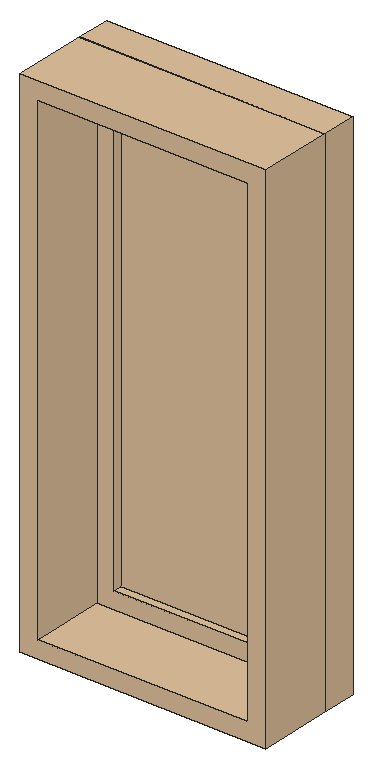
Revit family "排氣墩", category 窗, Revit 2014
Parameters (values of type "45 x 95 cm")
  熱阻 (R) = 0.271106 (m²·K)/W
  Visual Light Transmittance = 0.9
  Solar Heat Gain Coefficient = 0.78
  營造類型 Id = "GSP4R"
  傳熱係數 (U) = 3.6886 W/(m²·K)
  框架外部材料 = 窗框
  框架內部材料 = 窗框
  玻璃窗格材料 = 玻璃
  高度 = 950 mm
  窗框 = 窗框
  預設窗台高度 = 0 mm
  牆封閉 = 依主體
  寬度 = 450 mm
  窗戶內嵌 = 19 mm
  解析營造 = "1/8 英吋 Pilkington 單層鑲嵌玻璃"
Reference planes
  plane 1: y = 0
  plane 2 "中心": x = 0
  plane 3 "左": x = -225
  plane 4 "右": x = 225
  plane 5 "窗台": z = 0
  plane 6 "標頭": z = 950
  plane 7: x = -206
  plane 8: x = 206
  plane 9: x = -193
  plane 10: x = 193
  plane 11: z = 931
  plane 12: z = 918
  plane 13: z = 32
  plane 14 "封閉": y = 66
Forms (mm)
  Extrusion 1, solid, material "窗框" <- "框架內部材料"
    sketch origin (0, 0, 0) x (-1, 0, 0) y (0, 0, 1)
      loop
        line (-225, 950) -> (-225, 0) -> (225, 0) -> (225, 950) -> (-225, 950)
      loop
        line (-193, 918) -> (-193, 32) -> (193, 32) -> (193, 918) -> (-193, 918)
    from -87 to 50
  Extrusion 2, solid, material "窗框" <- "框架外部材料"
    sketch origin (0, 0, 0) x (-1, 0, 0) y (0, 0, 1)
      loop
        line (-225, 950) -> (-225, 0) -> (225, 0) -> (225, 950) -> (-225, 950)
      loop
        line (-206, 931) -> (-206, 19) -> (206, 19) -> (206, 931) -> (-206, 931)
    from 50 to 113
  Extrusion 3, solid, material "窗框" <- "窗框"
    sketch origin (0, 0, 0) x (-1, 0, 0) y (0, 0, 1)
      loop
        line (-206, 931) -> (-206, 19) -> (206, 19) -> (206, 931) -> (-206, 931)
      loop
        line (-162, 887) -> (-162, 63) -> (162, 63) -> (162, 887) -> (-162, 887)
    from 50 to 94
  Extrusion 4, solid, material "窗框" <- "窗框"
    sketch origin (0, 0, 0) x (-1, 0, 0) y (0, 0, 1)
      loop
        line (-162, 887) -> (-162, 63) -> (162, 63) -> (162, 887) -> (-162, 887)
    from 66 to 78
Lines and regions (mm)
  Opening 1
    outline origin (3500, -87, 0) x (1, 0, 0) y (0, 0, 1)
      loop
        line (-3275, 0) -> (-3275, 950) -> (-3725, 950) -> (-3725, 0) -> (-3275, 0)
  symbolic lines, style "WindowsFrameMullionProjection"
    curve 1: line (-225, 113, 0) -> (-206, 113, 0)
    curve 2: line (-225, -87, 0) -> (-193, -87, 0)
    curve 3: line (-206, 94, 0) -> (-162, 94, 0)
    curve 4: line (-206, 50, 0) -> (-162, 50, 0)
    curve 5: line (-206, 113, 0) -> (-206, 50, 0)
    curve 6: line (-162, 94, 0) -> (-162, 50, 0)
    curve 7: line (-193, 50, 0) -> (-193, -87, 0)
    curve 8: line (223.878, 113, 0) -> (206, 113, 0)
    curve 9: line (206, 113, 0) -> (206, 50, 0)
    curve 10: line (206, 94, 0) -> (162, 94, 0)
    curve 11: line (162, 94, 0) -> (162, 50, 0)
    curve 12: line (162, 50, 0) -> (206, 50, 0)
    curve 13: line (225, -87, 0) -> (193, -87, 0)
    curve 14: line (193, 50, 0) -> (193, -87, 0)
  symbolic lines, style "WindowsGlassProjection"
    curve 15: line (-162, 72, 0) -> (162, 72, 0)
  model lines
    curve 16: line (-162, 66, 103) -> (162, 66, 103)
    curve 17: line (-162, 66, 143) -> (162, 66, 143)
    curve 18: line (-162, 66, 183) -> (162, 66, 183)
    curve 19: line (-162, 66, 223) -> (162, 66, 223)
    curve 20: line (-162, 66, 263) -> (162, 66, 263)
    curve 21: line (-162, 66, 303) -> (162, 66, 303)
    curve 22: line (-162, 66, 343) -> (162, 66, 343)
    curve 23: line (-162, 66, 383) -> (162, 66, 383)
    curve 24: line (-162, 66, 423) -> (162, 66, 423)
    curve 25: line (-162, 66, 463) -> (162, 66, 463)
    curve 26: line (-162, 66, 503) -> (162, 66, 503)
    curve 27: line (-162, 66, 543) -> (162, 66, 543)
    curve 28: line (-162, 66, 583) -> (162, 66, 583)
    curve 29: line (-162, 66, 623) -> (162, 66, 623)
    curve 30: line (-162, 66, 663) -> (162, 66, 663)
    curve 31: line (-162, 66, 703) -> (162, 66, 703)
    curve 32: line (-162, 66, 743) -> (162, 66, 743)
    curve 33: line (-162, 66, 783) -> (162, 66, 783)
    curve 34: line (-162, 66, 823) -> (162, 66, 823)
    curve 35: line (-162, 66, 863) -> (162, 66, 863)
    curve 36: line (-162, 66, 903) -> (162, 66, 903)
    curve 37: line (-162, 66, 873) -> (162, 66, 873)
    curve 38: line (-162, 78, 73) -> (162, 78, 73)
    curve 39: line (-162, 78, 113) -> (162, 78, 113)
    curve 40: line (-162, 78, 153) -> (162, 78, 153)
    curve 41: line (-162, 78, 193) -> (162, 78, 193)
    curve 42: line (-162, 78, 233) -> (162, 78, 233)
    curve 43: line (-162, 78, 273) -> (162, 78, 273)
    curve 44: line (-162, 78, 313) -> (162, 78, 313)
    curve 45: line (-162, 78, 353) -> (162, 78, 353)
    curve 46: line (-162, 78, 393) -> (162, 78, 393)
    curve 47: line (-162, 78, 433) -> (162, 78, 433)
    curve 48: line (-162, 78, 473) -> (162, 78, 473)
    curve 49: line (-162, 78, 513) -> (162, 78, 513)
    curve 50: line (-162, 78, 553) -> (162, 78, 553)
    curve 51: line (-162, 78, 593) -> (162, 78, 593)
    curve 52: line (-162, 78, 633) -> (162, 78, 633)
    curve 53: line (-162, 78, 673) -> (162, 78, 673)
    curve 54: line (-162, 78, 713) -> (162, 78, 713)
    curve 55: line (-162, 78, 753) -> (162, 78, 753)
    curve 56: line (-162, 78, 793) -> (162, 78, 793)
    curve 57: line (-162, 78, 833) -> (162, 78, 833)
    curve 58: line (-162, 78, 873) -> (162, 78, 873)
Text (mm)
  text "外部" at (-1394.263, 836.427, 0), in view "樓板線"
  text "內部" at (-1394.263, -535.979, 0), in view "樓板線"
  text "外部" at (0, 314.263, 3273.967), in view "右"
  text "外部" at (0, 999.457, 3063.296), in view "左"
Dimensions and locks
  equal spacing: plane 3 "左", plane 2 "中心", plane 4 "右"
  "寬度": plane 3 "左" to plane 4 "右"
  "高度": plane 5 "窗台" to plane 6 "標頭"
  "預設窗台高度": plane 5 "窗台" to level
  "窗戶內嵌": host wall to Extrusion 3
  locked: Extrusion 3 to Extrusion 3 at 44
  locked: Extrusion 3 to Extrusion 4 at 16
  locked: Extrusion 4 to Extrusion 4 at 12
  locked: Extrusion 1 sketch curve to Extrusion 1 sketch curve at 32  (x2)
  locked: plane 3 "左" to plane 7 at 19
  locked: plane 8 to plane 4 "右" at 19
  locked: plane 10 to plane 4 "右" at 32
  locked: plane 3 "左" to plane 9 at 32
  locked: plane 11 to plane 6 "標頭" at 19
  locked: plane 6 "標頭" to plane 12 at 32
  locked: plane 13 to plane 5 "窗台" at 32
  locked: plane 14 "封閉" to host wall at 47
  aligned and locked: host wall to Extrusion 1
  aligned and locked: host wall to Extrusion 2
  aligned and locked: Extrusion 3 sketch curve to Extrusion 2  (x4)
  aligned and locked: Extrusion 3 to Extrusion 1
  aligned and locked: Extrusion 2 to Extrusion 1
  aligned and locked: Extrusion 4 sketch curve to Extrusion 3  (x4)
  aligned and locked: curve 1 to Extrusion 2  (x2)
  aligned and locked: Extrusion 1 to curve 2
  aligned and locked: curve 3 to Extrusion 3
  aligned and locked: curve 4 to Extrusion 2  (x2)
  aligned and locked: curve 5 to Extrusion 2
  aligned and locked: curve 6 to Extrusion 3
  aligned and locked: curve 7 to Extrusion 1
  aligned and locked: Extrusion 2 to curve 9
  aligned and locked: curve 10 to Extrusion 3
  aligned and locked: curve 11 to Extrusion 3
  aligned and locked: Extrusion 3 to curve 12
  aligned and locked: curve 13 to Extrusion 1  (x2)
  aligned and locked: curve 14 to Extrusion 1
  aligned and locked: Extrusion 2 to curve 8
Automatic sketch dimensions
  Extrusion 1 sketch curve to plane 5 "窗台" = 32 mm
  plane 6 "標頭" to Extrusion 1 sketch curve = 32 mm
  plane 4 "右" to Extrusion 2 sketch curve = 19 mm
  Extrusion 2 sketch curve to Extrusion 2 sketch curve = 19 mm
  Extrusion 2 sketch curve to plane 5 "窗台" = 19 mm
  plane 6 "標頭" to Extrusion 2 sketch curve = 19 mm
  Extrusion 1 sketch curve to plane 4 "右" = 0 mm
  Extrusion 1 sketch curve to plane 3 "左" = 0 mm
  Extrusion 1 sketch curve to plane 5 "窗台" = 0 mm
  Extrusion 1 sketch curve to plane 6 "標頭" = 0 mm
  Extrusion 2 sketch curve to plane 4 "右" = 0 mm
  Extrusion 2 sketch curve to plane 3 "左" = 0 mm
  Extrusion 2 sketch curve to plane 5 "窗台" = 0 mm
  Extrusion 2 sketch curve to plane 6 "標頭" = 0 mm
  Opening 1 sketch curve to plane 3 "左" = 0 mm
  Opening 1 sketch curve to plane 4 "右" = 0 mm
  Opening 1 sketch curve to plane 5 "窗台" = 0 mm
  Opening 1 sketch curve to plane 6 "標頭" = 0 mm
  host wall to curve 7 = 0 mm
  plane 4 "右" to curve 8 = 1.122 mm
  curve 15 to plane 14 "封閉" = 6 mm
  plane 10 to Extrusion 3 sketch curve = 31 mm
  Extrusion 3 sketch curve to plane 13 = 31 mm
  Extrusion 3 sketch curve to plane 9 = 31 mm
  plane 12 to Extrusion 3 sketch curve = 31 mm
  Extrusion 4 to curve 16 = 0 mm
  Extrusion 4 to curve 17 = 0 mm
  Extrusion 4 to curve 18 = 0 mm
  Extrusion 4 to curve 19 = 0 mm
  Extrusion 4 to curve 20 = 0 mm
  Extrusion 4 to curve 37 = 0 mm
  Extrusion 4 to curve 21 = 0 mm
  Extrusion 4 to curve 22 = 0 mm
  Extrusion 4 to curve 23 = 0 mm
  Extrusion 4 to curve 24 = 0 mm
  Extrusion 4 to curve 25 = 0 mm
  Extrusion 4 to curve 26 = 0 mm
  Extrusion 4 to curve 27 = 0 mm
  Extrusion 4 to curve 28 = 0 mm
  Extrusion 4 to curve 29 = 0 mm
  Extrusion 4 to curve 30 = 0 mm
  Extrusion 4 to curve 31 = 0 mm
  Extrusion 4 to curve 32 = 0 mm
  Extrusion 4 to curve 33 = 0 mm
  Extrusion 4 to curve 34 = 0 mm
  Extrusion 4 to curve 35 = 0 mm
  Extrusion 4 to curve 36 = 0 mm
  curve 36 to Extrusion 4 = 0 mm
  curve 35 to Extrusion 4 = 0 mm
  curve 34 to Extrusion 4 = 0 mm
  curve 33 to Extrusion 4 = 0 mm
  curve 32 to Extrusion 4 = 0 mm
  curve 31 to Extrusion 4 = 0 mm
  curve 30 to Extrusion 4 = 0 mm
  curve 29 to Extrusion 4 = 0 mm
  curve 28 to Extrusion 4 = 0 mm
  curve 27 to Extrusion 4 = 0 mm
  curve 26 to Extrusion 4 = 0 mm
  curve 25 to Extrusion 4 = 0 mm
  curve 24 to Extrusion 4 = 0 mm
  curve 23 to Extrusion 4 = 0 mm
  curve 22 to Extrusion 4 = 0 mm
  curve 37 to Extrusion 4 = 0 mm
  curve 21 to Extrusion 4 = 0 mm
  curve 20 to Extrusion 4 = 0 mm
  curve 19 to Extrusion 4 = 0 mm
  curve 18 to Extrusion 4 = 0 mm
  curve 17 to Extrusion 4 = 0 mm
  curve 16 to Extrusion 4 = 0 mm
  Extrusion 4 to curve 16 = 40 mm
  curve 16 to curve 17 = 40 mm
  curve 17 to curve 18 = 40 mm
  curve 18 to curve 19 = 40 mm
  curve 19 to curve 20 = 40 mm
  curve 20 to curve 21 = 40 mm
  curve 21 to curve 22 = 40 mm
  curve 22 to curve 23 = 40 mm
  curve 23 to curve 24 = 40 mm
  curve 24 to curve 25 = 40 mm
  curve 25 to curve 26 = 40 mm
  curve 26 to curve 27 = 40 mm
  curve 27 to curve 28 = 40 mm
  curve 28 to curve 29 = 40 mm
  curve 29 to curve 30 = 40 mm
  curve 30 to curve 31 = 40 mm
  curve 31 to curve 32 = 40 mm
  curve 32 to curve 33 = 40 mm
  curve 33 to curve 34 = 40 mm
  curve 34 to curve 35 = 40 mm
  curve 35 to curve 36 = 40 mm
  Extrusion 4 to curve 37 = 14 mm
  plane 10 to curve 58 = 31 mm
  plane 10 to curve 57 = 31 mm
  plane 10 to curve 56 = 31 mm
  plane 10 to curve 55 = 31 mm
  plane 10 to curve 54 = 31 mm
  plane 10 to curve 53 = 31 mm
  plane 10 to curve 52 = 31 mm
  plane 10 to curve 51 = 31 mm
  plane 10 to curve 50 = 31 mm
  plane 10 to curve 49 = 31 mm
  plane 10 to curve 48 = 31 mm
  plane 10 to curve 47 = 31 mm
  plane 10 to curve 46 = 31 mm
  plane 10 to curve 45 = 31 mm
  plane 10 to curve 44 = 31 mm
  plane 10 to curve 43 = 31 mm
  plane 10 to curve 42 = 31 mm
  plane 10 to curve 41 = 31 mm
  plane 10 to curve 40 = 31 mm
  plane 10 to curve 38 = 31 mm
  plane 10 to curve 39 = 31 mm
  curve 40 to plane 9 = 31 mm
  curve 38 to plane 9 = 31 mm
  curve 41 to plane 9 = 31 mm
  curve 42 to plane 9 = 31 mm
  curve 43 to plane 9 = 31 mm
  curve 44 to plane 9 = 31 mm
  curve 45 to plane 9 = 31 mm
  curve 46 to plane 9 = 31 mm
  curve 47 to plane 9 = 31 mm
  curve 48 to plane 9 = 31 mm
  curve 49 to plane 9 = 31 mm
  curve 50 to plane 9 = 31 mm
  curve 51 to plane 9 = 31 mm
  curve 52 to plane 9 = 31 mm
  curve 53 to plane 9 = 31 mm
  curve 54 to plane 9 = 31 mm
  curve 55 to plane 9 = 31 mm
  curve 56 to plane 9 = 31 mm
  curve 57 to plane 9 = 31 mm
  curve 58 to plane 9 = 31 mm
  curve 39 to plane 9 = 31 mm
  curve 58 to curve 57 = 40 mm
  curve 57 to curve 56 = 40 mm
  curve 56 to curve 55 = 40 mm
  curve 55 to curve 54 = 40 mm
  curve 54 to curve 53 = 40 mm
  curve 53 to curve 52 = 40 mm
  curve 52 to curve 51 = 40 mm
  curve 51 to curve 50 = 40 mm
  curve 50 to curve 49 = 40 mm
  curve 49 to curve 48 = 40 mm
  curve 48 to curve 47 = 40 mm
  curve 47 to curve 46 = 40 mm
  curve 46 to curve 45 = 40 mm
  curve 45 to curve 44 = 40 mm
  curve 44 to curve 43 = 40 mm
  curve 43 to curve 42 = 40 mm
  curve 42 to curve 41 = 40 mm
  curve 41 to curve 40 = 40 mm
  curve 40 to curve 39 = 40 mm
  curve 39 to curve 38 = 40 mm
  plane 12 to curve 58 = 45 mm
